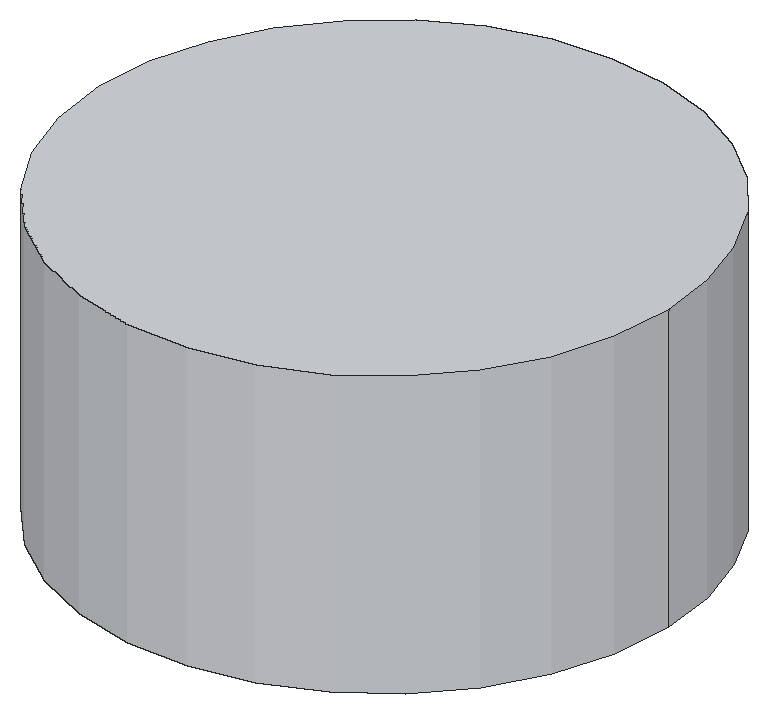
Revit family "10992000", category Specialty Equipment, Revit 2023
Family settings
  Round Connector Dimension = Use Diameter
  Part Type = Normal
  OmniClass Number = 23.40.40.14
  OmniClass Title = Food Service Equipment
  Work Plane-Based = No
  Enable Cutting in Views = Yes
  Always vertical = Yes
  Cut with Voids When Loaded = No
  Maintain Annotation Orientation = No
  Shared = No
  Room Calculation Point = No
Parameters (values of type "Standard")
  URL = "https://www.rustfriebergh.no/produkter/serveringsdisker/displaymonter-rbdm/"
  Model = "10992000"
  Manufacturer = "RUSTFRIE BERGH AS"
  Description = "Displaymonter RBDM 2000-2plan"
  Default Elevation = 0 mm
Reference planes
  plane 1 "Center (Front/Back)": y = 0
  plane 2: z = 0
  plane 3 "Center (Left/Right)": x = 0
Forms (mm)
  Extrusion 1, solid
    sketch origin (790, 259, 48.5) x (1, 0, 0) y (0, 1, 0)
      loop
        circle (0, 0) r 3.048
    from 0 to -3.048
Dimensions and locks
  aligned and locked: level to plane 2
Connectors
  electrical at (790, 259, 48.5)
    settings: on Extrusion 1, index 1, voltage 230 V, apparent load 1050 VA, apparent load phase1 0 VA, apparent load phase2 0 VA, apparent load phase3 0 VA, power factor 0, load classification "Other", number of poles 1, system type 30, power factor state 1, is connector primary yes, connector utility no, sub classification motor no, connector description "230V 50/60HZ 4,56A"
